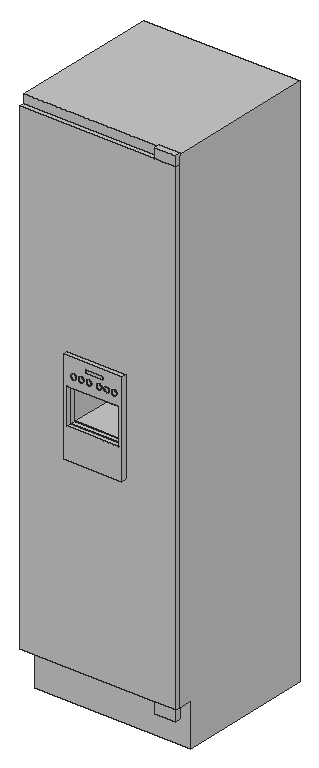
Revit family "RF463704", category Generic Models, Revit 2014
Parameters (values of type "RF463704")
  Width = 610 mm
  URL = "http://www.gaggenau.com."
  Model = "RF463704"
  Manufacturer = "Gaggenau"
  Height = 2125 mm
  Handle = Metal Panel
  Fridge = Metal Panel
  Door = Metal Panel
  Description = "Gaggenau 24\" Freezer column with IWD, right-hinged"
  Depth = 608 mm
Reference planes
  plane 1 "Center (Front/Back)": y = 0
  plane 2: z = 0
  plane 3 "Center (Left/Right)": x = 0
  plane 4: z = 2125
  plane 5: x = -305
  plane 6: x = 305
  plane 7: y = 266.012
  plane 8: y = -341.988
  plane 9: z = 181
  plane 10: z = 102
  plane 11: z = 14.093
  plane 12: z = 2131
  plane 13: z = 2091
  plane 14: y = -268.988
  plane 15: y = -321.988
  plane 16: x = 244.794
  plane 17: z = 1098.573
  plane 18: y = -360.988
Forms (mm)
  Extrusion 1, solid, material "Metal Panel" <- "Fridge"
    sketch origin (0, 0, 0) x (0, 1, 0) y (0, 0, 1)
      loop
        line (266.012, 2125) -> (-321.988, 2125) -> (-321.988, 181) -> (-268.988, 181) -> (-268.988, 14.093) -> (266.012, 14.093) -> (266.012, 2125)
    from -305 to 305
  Extrusion 2, solid, material "Metal Panel" <- "Door"
    sketch origin (0, 0, 0) x (1, 0, 0) y (0, 0, 1)
      loop
        line (-305, 181) -> (305, 181) -> (305, 2091) -> (-305, 2091) -> (-305, 181)
    from 321.988 to 341.988
  Extrusion 3, solid, material "Metal Panel" <- "Door"
    sketch origin (0, 0, -0.35) x (1, 0, 0) y (0, 0, 1)
      loop
        line (305, 2131.35) -> (225, 2131.35) -> (225, 2091.35) -> (305, 2091.35) -> (305, 2131.35)
      loop
        line (305, 181.35) -> (225, 181.35) -> (225, 141.35) -> (305, 141.35) -> (305, 181.35)
    from 321.988 to 341.988
  Extrusion 4, solid, material "Metal Panel" <- "Fridge"
    sketch origin (0, 0, 0) x (1, 0, 0) y (0, 1, 0)
      loop
        circle (-273.403, -159.898) r 11.868
      loop
        circle (-273.403, 159.898) r 11.868
      loop
        circle (273.403, -159.898) r 11.868
      loop
        circle (273.403, 159.898) r 11.868
    from 0 to 14.093
  Extrusion 5, void
    sketch origin (0, 0, 0) x (1, 0, 0) y (0, 0, 1)
      loop
        line (-105, 1185) -> (-105, 1043.376) -> (97.242, 1043.376) -> (97.242, 1185) -> (-105, 1185)
    from 360.988 to 165.127
  Extrusion 6, solid, material "Metal Panel" <- "Door"
    sketch origin (0, 0, 0) x (1, 0, 0) y (0, 0, 1)
      loop
        line (-120, 1292.438) -> (-120, 924.938) -> (111.18, 924.938) -> (111.18, 1292.438) -> (-120, 1292.438)
      loop
        line (-32.243, 1266.361) -> (-32.243, 1256.361) -> (32.757, 1256.361) -> (32.757, 1266.361) -> (-32.243, 1266.361)
      loop
        circle (-79.737, 1225.885) r 10
      loop
        circle (-49.737, 1225.885) r 10
      loop
        circle (-19.737, 1225.885) r 10
      loop
        circle (79.737, 1225.885) r 10
      loop
        circle (49.737, 1225.885) r 10
      loop
        circle (19.737, 1225.885) r 10
    from 360.988 to 341.988
  Extrusion 7, solid, material "Metal Panel" <- "Door"
    sketch origin (0, 0, 0) x (1, 0, 0) y (0, 0, 1)
      loop
        line (32.757, 1256.361) -> (32.757, 1266.361) -> (-32.243, 1266.361) -> (-32.243, 1256.361) -> (32.757, 1256.361)
      loop
        circle (-79.737, 1225.885) r 10
      loop
        circle (-49.737, 1225.885) r 10
      loop
        circle (-19.737, 1225.885) r 10
      loop
        circle (19.737, 1225.885) r 10
      loop
        circle (49.737, 1225.885) r 10
      loop
        circle (79.737, 1225.885) r 10
    from 360.988 to 341.988
Cuts and joins
  Extrusion 5 cuts Extrusion 1
  Extrusion 5 cuts Extrusion 2
  Extrusion 5 cuts Extrusion 6
Dimensions and locks
  "Width": plane 5 to plane 6
  plane 7 to plane 8 = 608 mm  (x2)
  plane 4 to plane 2 = 2125 mm
  plane 9 to plane 2 = 181 mm
  plane 10 to plane 2 = 102 mm
  plane 12 to plane 13 = 40 mm
  plane 14 to plane 8 = 73 mm
  plane 6 to plane 16 = 60.206 mm
  equal spacing: plane 5, plane 3 "Center (Left/Right)", plane 6
  plane 12 to plane 10 = 2029 mm
  Extrusion 6 sketch curve to Extrusion 6 sketch curve = 367.5 mm
  cut or joined group of Extrusion 2, Extrusion 5 to Extrusion 6 = 19 mm
  cut or joined group of Extrusion 5, Extrusion 6 to cut or joined group of Extrusion 5, Extrusion 6 = 231.18 mm
  aligned and locked: level to plane 2
  aligned and locked: plane 5 to Extrusion 1
  aligned and locked: plane 6 to Extrusion 1
  aligned and locked: Extrusion 2 to plane 8
  aligned and locked: Extrusion 2 to Extrusion 1
  aligned and locked: Extrusion 3 to plane 8
  aligned and locked: Extrusion 3 to Extrusion 1
  aligned and locked: plane 13 to Extrusion 2 sketch curve
  aligned and locked: plane 6 to Extrusion 2 sketch curve
  aligned and locked: plane 5 to Extrusion 2 sketch curve
Automatic sketch dimensions
  Extrusion 1 sketch curve to plane 4 = 0 mm
  Extrusion 1 sketch curve to plane 15 = 0 mm
  Extrusion 1 sketch curve to plane 9 = 0 mm
  Extrusion 1 sketch curve to plane 14 = 0 mm
  Extrusion 1 sketch curve to plane 7 = 0 mm
  Extrusion 1 sketch curve to plane 11 = 0 mm
  Extrusion 4 sketch curve to plane 5 = 31.597 mm  (x2)
  plane 16 to Extrusion 4 sketch curve = 28.608 mm  (x2)
  Extrusion 4 sketch curve to plane 14 = 109.089 mm  (x2)
  Extrusion 4 sketch curve to plane 7 = 106.114 mm  (x2)
  plane 10 to Extrusion 2 sketch curve = 79 mm
  Extrusion 3 sketch curve to plane 16 = 19.794 mm  (x2)
  Extrusion 3 sketch curve to plane 12 = 0 mm
  Extrusion 3 sketch curve to plane 6 = 0 mm  (x2)
  Extrusion 3 sketch curve to plane 9 = 0 mm
  Extrusion 3 sketch curve to plane 13 = 0 mm
  Extrusion 3 sketch curve to plane 9 = 40 mm
  Extrusion 5 sketch curve to plane 3 "Center (Left/Right)" = 105 mm
  Extrusion 5 sketch curve to plane 16 = 147.553 mm
  plane 9 to Extrusion 5 sketch curve = 862.376 mm
  Extrusion 5 sketch curve to Extrusion 5 sketch curve = 141.624 mm
  Extrusion 6 sketch curve to plane 3 "Center (Left/Right)" = 120 mm
  Extrusion 6 sketch curve to Extrusion 6 sketch curve = 40.263 mm
  Extrusion 6 sketch curve to Extrusion 6 sketch curve = 30 mm  (x3)
  Extrusion 6 sketch curve to plane 3 "Center (Left/Right)" = 32.243 mm
  Extrusion 6 sketch curve to plane 3 "Center (Left/Right)" = 19.737 mm
  plane 3 "Center (Left/Right)" to Extrusion 6 sketch curve = 19.737 mm
  plane 3 "Center (Left/Right)" to Extrusion 6 sketch curve = 32.757 mm
  plane 3 "Center (Left/Right)" to Extrusion 6 sketch curve = 111.18 mm
  Extrusion 6 sketch curve to plane 17 = 173.635 mm
  Extrusion 6 sketch curve to Extrusion 6 sketch curve = 66.553 mm
  Extrusion 6 sketch curve to Extrusion 6 sketch curve = 0 mm  (x5)
  Extrusion 6 sketch curve to Extrusion 6 sketch curve = 30.476 mm
  Extrusion 6 sketch curve to Extrusion 6 sketch curve = 10 mm
  Extrusion 7 sketch curve to plane 3 "Center (Left/Right)" = 32.243 mm
  plane 3 "Center (Left/Right)" to Extrusion 7 sketch curve = 32.757 mm
  plane 17 to Extrusion 7 sketch curve = 157.788 mm
  Extrusion 7 sketch curve to Extrusion 7 sketch curve = 10 mm  (x6)
  Extrusion 7 sketch curve to Extrusion 7 sketch curve = 47.494 mm
  Extrusion 7 sketch curve to Extrusion 7 sketch curve = 30.476 mm
  Extrusion 7 sketch curve to Extrusion 7 sketch curve = 20 mm  (x3)
  Extrusion 7 sketch curve to Extrusion 7 sketch curve = 0 mm  (x7)
  Extrusion 7 sketch curve to plane 3 "Center (Left/Right)" = 19.737 mm
  plane 3 "Center (Left/Right)" to Extrusion 7 sketch curve = 19.737 mm
  plane 3 "Center (Left/Right)" to Extrusion 7 sketch curve = 9.737 mm
  radius of Extrusion 4 sketch curve = 11.868 mm  (x4)
  radius of Extrusion 6 sketch curve = 10 mm  (x6)
